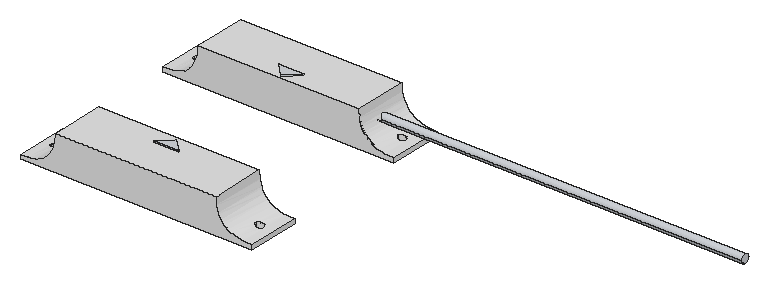
Revit family "izveshatel_io_102-26_ex_isp_10", category Датчики, Revit 2016
Family settings
  Сохранять ориентацию аннотаций = Нет
  Тип детали = Нормальный
  Размер круглого соединителя = Использовать диаметр
  На основе рабочей плоскости = Нет
  Всегда вертикально = Да
  При загрузке вырезать с полостями = Нет
  Общий = Нет
  Точка расчета площади = Нет
Parameters (values of type "ИО 102-26-Ех исп.10")
  исп.200/250 = no
  исп.00 = yes
  Ширина магнита = 30 mm
  Смещение датчика от магнита [instance] = 70 mm
  Метизы = no
  Watermarked By = ""
  Type Comments = "﻿﻿                           ﻿       ﻿     ﻿       ​         ​       ​   ​                  ﻿      ​ ​  ​       ​     ​ ﻿​                    ﻿     ﻿       ﻿       ﻿     ​         ﻿               ﻿﻿"
  Изготовитель = "ООО НПП \"Магнито-Контакт\""
  Длина магнита = 130 mm
  Высота магнита = 20 mm
  URL = "www.m-kontakt.ru/produkt/datch_dlya_magn_konstr/ayaks_v_vse.html"
  Keynote = "﻿﻿                           ﻿       ﻿     ﻿       ​         ​       ​   ​                  ﻿      ​ ​  ​       ​     ​ ﻿​                    ﻿     ﻿       ﻿       ﻿     ​         ﻿               ﻿﻿"
  Description = "﻿﻿                           ﻿       ﻿     ﻿       ​         ​       ​   ​                  ﻿      ​ ​  ​       ​     ​ ﻿​                    ﻿     ﻿       ﻿       ﻿     ​         ﻿               ﻿﻿"
  BL_Разработано = "support@bimlib.ru"  # constant formula
  BL_Email = "451694@bk.ru"  # constant formula
  BL_BIM library = "https://bimlib.ru/manufacturer/company/2873"
  Assembly Code = "﻿﻿                           ﻿       ﻿     ﻿       ​         ​       ​   ​                  ﻿      ​ ​  ​       ​     ​ ﻿​                    ﻿     ﻿       ﻿       ﻿     ​         ﻿               ﻿﻿"
  ADSK_Размер_Ширина = 30 mm
  ADSK_Размер_Длина = 130 mm
  ADSK_Размер_Высота = 20 mm
  ADSK_Примечание = ""
  ADSK_Позиция = ""
  ADSK_Обозначение = "исп.10"
  ADSK_Наименование = "Извещатель охранный точечный магнитоконтактный взрывозащищенный ИО102-26 ПАШК.425119.008"  # constant formula
  ADSK_Материал = Пластик белый
  ADSK_Масса = 0.25
  ADSK_Код изделия = ""
  ADSK_Завод-изготовитель = "ООО НПП \"Магнито-Контакт\""
  ADSK_Единица измерения = "шт."
  ADSK_Версия Revit = "2016"  # constant formula
  ADSK_URL страницы изделия = ""
  ADSK_URL документации изделия = ""
Reference planes
  plane 1 "По центру (Вперед/Назад)": y = 0
  plane 2: z = 0
  plane 3 "По центру (Влево/Вправо)": x = 0
  plane 4: x = -65
  plane 5: x = 65
  plane 6: z = 20
  plane 7: y = -35
  plane 8: y = -65
  plane 9: y = 35
  plane 10: y = 65
  plane 11: z = 20
  plane 12: x = -65
  plane 13: x = 65
Forms (mm)
  Extrusion 1, solid, material "Пластик белый" <- "ADSK_Материал", visible <- "исп.00", detail levels medium+fine
    sketch origin (0, 0, 0) x (1, 0, 0) y (0, 1, 0)
      loop
        line (-65, 65) -> (-65, 35) -> (65, 35) -> (65, 65) -> (-65, 65)
    from 0 to 20
  Extrusion 2, solid, material "Пластик белый" <- "ADSK_Материал", visible <- "исп.00", detail levels medium+fine
    sketch origin (0, 0, 0) x (1, 0, 0) y (0, 1, 0)
      loop
        line (-65, -35) -> (-65, -65) -> (65, -65) -> (65, -35) -> (-65, -35)
    from 0 to 20
  Extrusion 3, void
    sketch origin (0, 0, 0) x (1, 0, 0) y (0, 0, 1)
      loop
        spline (-65, 2.4) -> (-61.823, 2.523) -> (-58.923, 2.889) -> (-56.299, 3.5) -> (-53.951, 4.356) -> (-51.879, 5.456) -> (-50.084, 6.8) -> (-48.565, 8.389) -> (-47.322, 10.222) -> (-46.355, 12.3) -> (-45.664, 14.622) -> (-45.25, 17.189) -> (-45.112, 20)
        line (-45.112, 20) -> (-65, 20) -> (-65, 2.4)
    from -65 to 65
  Extrusion 4, void
    sketch origin (0, 0, 0) x (-1, 0, 0) y (0, 0, -1)
      loop
        line (-65, -2.4) -> (-65, -20) -> (-45.112, -20)
        spline (-45.112, -20) -> (-45.25, -17.189) -> (-45.664, -14.622) -> (-46.355, -12.3) -> (-47.322, -10.222) -> (-48.565, -8.389) -> (-50.084, -6.8) -> (-51.879, -5.456) -> (-53.951, -4.356) -> (-56.299, -3.5) -> (-58.923, -2.889) -> (-61.823, -2.523) -> (-65, -2.4)
    from -65 to 65
  Extrusion 5, void
    sketch origin (0, 0, 0) x (1, 0, 0) y (0, 1, 0)
      loop
        circle (-57.5, -50) r 2.25
    from 0 to 20
  Extrusion 6, void
    sketch origin (0, 0, 0) x (-1, 0, 0) y (0, -1, 0)
      loop
        circle (-57.5, 50) r 2.25
    from 0 to 20
  Extrusion 7, void
    sketch origin (0, 0, 0) x (1, 0, 0) y (0, 1, 0)
      loop
        circle (-57.5, 50) r 2.25
    from 0 to 20
  Extrusion 8, void
    sketch origin (0, 0, 0) x (-1, 0, 0) y (0, -1, 0)
      loop
        circle (-57.5, -50) r 2.25
    from 0 to 20
  Extrusion 9, solid, detail levels fine
    sketch origin (0, 0, 0) x (0, 1, 0) y (0, 0, 1)
      loop
        circle (50, 10.11) r 2.25
    from 45.112 to 250
  Extrusion 10, solid, detail levels medium+fine
    sketch origin (0, -23.906, 0.428) x (1, 0, 0) y (0, 1, 0)
      loop
        line (0, 60.851) -> (7.071, 67.922) -> (-2.071, 67.922) -> (-7.071, 67.922) -> (0, 60.851)
    from 19.122 to 20.022
  Extrusion 11, solid, not visible, detail levels medium+fine
    sketch origin (0, -20.156, 8.292) x (1, 0, 0) y (0, 1, 0)
      loop
        line (0, 60.851) -> (7.071, 67.922) -> (-2.071, 67.922) -> (-7.071, 67.922) -> (0, 60.851)
    from 19.122 to 20.022
  Extrusion 12, solid, material "Пластик белый" <- "ADSK_Материал", visible <- "Метизы", not visible, detail levels medium+fine
    sketch origin (0, 0, 0) x (1, 0, 0) y (0, 0, 1)
      loop
        line (-34.626, 21.529) -> (-37.49, 26.489) -> (-43.217, 26.489) -> (-46.08, 21.529) -> (-43.217, 16.57) -> (-37.49, 16.57) -> (-34.626, 21.529)
      loop
        line (34.626, 21.529) -> (37.49, 16.57) -> (43.217, 16.57) -> (46.08, 21.529) -> (43.217, 26.489) -> (37.49, 26.489) -> (34.626, 21.529)
    from -111.796 to -110
  Extrusion 13, solid, material "Пластик белый" <- "ADSK_Материал", visible <- "Метизы", not visible, detail levels medium+fine
    sketch origin (0, 0, 0) x (1, 0, 0) y (0, 0, 1)
      loop
        circle (-40.251, 21.529) r 2
      loop
        circle (40.251, 21.529) r 2
    from -125.502 to -110
  Extrusion 14, solid, detail levels medium+fine
    sketch origin (0, -23.906, 0.428) x (1, 0, 0) y (0, 1, 0)
      loop
        line (0, -13.038) -> (-7.071, -20.109) -> (-2.071, -20.109) -> (7.071, -20.109) -> (0, -13.038)
    from 19.122 to 20.022
Cuts and joins
  Extrusion 3, Extrusion 4, Extrusion 5, Extrusion 6, Extrusion 7, Extrusion 8 cuts Extrusion 2
  Extrusion 3, Extrusion 4, Extrusion 7, Extrusion 8 cuts Extrusion 1
Lines and regions (mm)
  reference lines
    curve 1: line (0, 54.016, 20) -> (0, 35.551, 20)
    curve 3: line (0, 80.502, 19.688) -> (0, 60.502, 19.688)
    curve 5: line (0, -54.016, 20) -> (0, -35.551, 20)
  reference lines, not visible
    curve 2: line (0, 57.766, 27.864) -> (0, 39.301, 27.864)
    curve 4: line (0, 125.502, 21.529) -> (0, 105.502, 21.529)
Dimensions and locks
  equal spacing: plane 4, plane 3 "По центру (Влево/Вправо)", plane 5
  "Длина магнита": plane 4 to plane 5
  "ADSK_Размер_Высота": level to plane 6
  equal spacing: plane 9, plane 1 "По центру (Вперед/Назад)", plane 7
  "Смещение датчика от магнита": plane 7 to plane 9
  "Ширина магнита": plane 9 to plane 10
  "ADSK_Размер_Ширина": plane 7 to plane 8
  "Высота магнита": plane 11 to level
  equal spacing: plane 12, plane 3 "По центру (Влево/Вправо)", plane 13
  "ADSK_Размер_Длина": plane 12 to plane 13
  equal spacing: plane 7, Extrusion 5 sketch curve, plane 8
  locked: plane 12 to Extrusion 5 sketch curve at 7.5
  equal spacing: plane 7, Extrusion 6 sketch curve, plane 8
  locked: Extrusion 6 sketch curve to plane 13 at 7.5
  equal spacing: plane 10, Extrusion 9 sketch curve, plane 9
  locked: Extrusion 9 sketch curve to level at 10.11
  Extrusion 10 to plane 11 = 0.45 mm
  locked: plane 9 to Extrusion 10 at 1.945
  locked: curve 3 to level at 19.688
  aligned and locked: level to plane 2
  aligned and locked: plane 10 to Extrusion 1 sketch curve
  aligned and locked: plane 4 to Extrusion 1 sketch curve
  aligned and locked: Extrusion 1 sketch curve to plane 9
  aligned and locked: plane 5 to Extrusion 1 sketch curve
  aligned and locked: plane 11 to Extrusion 1
  aligned and locked: Extrusion 2 sketch curve to plane 7
  aligned and locked: plane 8 to Extrusion 2 sketch curve
  aligned and locked: Extrusion 2 to plane 12
  aligned and locked: Extrusion 2 to plane 13
  aligned and locked: plane 6 to Extrusion 2
  aligned and locked: Extrusion 3 sketch curve to plane 4
  aligned and locked: plane 6 to Extrusion 3 sketch curve
  aligned and locked: Extrusion 2 to Extrusion 4
  aligned and locked: Extrusion 4 to Extrusion 1
  aligned and locked: Extrusion 1 to Extrusion 3
  aligned and locked: Extrusion 2 to Extrusion 3
  aligned and locked: plane 6 to Extrusion 5
  aligned and locked: plane 6 to Extrusion 6
  aligned and locked: curve 1 to plane 11
Automatic sketch dimensions
  curve 1 to curve 1 = 18.465 mm
  curve 2 to curve 2 = 18.465 mm
  Extrusion 10 sketch curve to Extrusion 10 sketch curve = 7.071 mm  (x2)
  Extrusion 10 sketch curve to Extrusion 10 sketch curve = 5 mm
  Extrusion 11 sketch curve to Extrusion 11 sketch curve = 7.071 mm  (x2)
  Extrusion 11 sketch curve to Extrusion 11 sketch curve = 5 mm
  Extrusion 12 sketch curve to Extrusion 12 sketch curve = 2.864 mm  (x6)
  Extrusion 12 sketch curve to Extrusion 12 sketch curve = 5.727 mm  (x4)
  Extrusion 12 sketch curve to Extrusion 12 sketch curve = 4.96 mm  (x7)
  Extrusion 12 sketch curve to Extrusion 12 sketch curve = 69.252 mm
  Extrusion 13 sketch curve to Extrusion 13 sketch curve = 80.502 mm
  Extrusion 13 sketch curve to Extrusion 13 sketch curve = 0 mm
  curve 3 to curve 3 = 20 mm
  curve 4 to curve 4 = 20 mm
  plane 10 to curve 3 = 4.498 mm
  curve 3 to plane 10 = 15.502 mm
  curve 5 to curve 5 = 18.465 mm
  Extrusion 14 sketch curve to Extrusion 14 sketch curve = 7.071 mm  (x2)
  Extrusion 14 sketch curve to Extrusion 14 sketch curve = 5 mm
  Extrusion 2 sketch curve to plane 4 = 0 mm
  Extrusion 2 sketch curve to plane 5 = 0 mm
  plane 4 to Extrusion 3 sketch curve = 19.888 mm
  level to Extrusion 3 sketch curve = 2.4 mm
  plane 5 to Extrusion 4 sketch curve = 0 mm
  Extrusion 4 sketch curve to plane 6 = 0 mm
  Extrusion 4 sketch curve to plane 5 = 19.888 mm
  Extrusion 4 sketch curve to level = 2.4 mm
  Extrusion 7 sketch curve to plane 4 = 7.5 mm
  plane 9 to Extrusion 7 sketch curve = 15 mm
  plane 5 to Extrusion 8 sketch curve = 7.5 mm
  Extrusion 8 sketch curve to plane 9 = 15 mm
  radius of Extrusion 5 sketch curve = 2.25 mm
  radius of Extrusion 6 sketch curve = 2.25 mm
  radius of Extrusion 9 sketch curve = 2.25 mm
  radius of Extrusion 13 sketch curve = 2 mm  (x2)
  radius of Extrusion 7 sketch curve = 2.25 mm
  radius of Extrusion 8 sketch curve = 2.25 mm
Nested families
  nested 1: "уго_извещатель" at (0, 0, 0), type "уго_извещатель", detail levels coarse
Connectors
  electrical at (0, 0, 0)
    settings: index 1, voltage 0 V, apparent load 0 VA, apparent load phase1 0 VA, apparent load phase2 0 VA, apparent load phase3 0 VA, power factor 1, load classification "Прочее", number of poles 1, system type 10, power factor state 1, is connector primary yes, connector utility no, sub classification motor no, connector description ""
Definition of nested family "уго_извещатель"
  Parameters (values of type "уго_извещатель")
    Watermarked By = ""
  Reference planes
    plane 1: y = 0
    plane 2: x = 0
  Lines and regions (mm)
    Filled region 1, type "Цветовая область 1"
      outline origin (0, 0, 0) x (1, 0, 0) y (0, 1, 0)
        loop
          line (-2.5, 2.5) -> (-2.5, 0.9) -> (2.5, 0.9) -> (2.5, 2.5) -> (-2.5, 2.5)
    Filled region 2, type "Цветовая область 1"
      outline origin (0, 0, 0) x (1, 0, 0) y (0, 1, 0)
        loop
          line (-2.5, -0.9) -> (-2.5, -2.5) -> (2.5, -2.5) -> (2.5, -0.9) -> (-2.5, -0.9)
    detail lines
      curve 1: line (-2.5, 2.5, 0) -> (2.5, 2.5, 0)
      curve 2: line (-2.5, -2.5, 0) -> (-2.5, 2.5, 0)
      curve 3: line (2.5, -2.5, 0) -> (-2.5, -2.5, 0)
      curve 4: line (2.5, 2.5, 0) -> (2.5, -2.5, 0)
      curve 5: line (-2.5, 0.9, 0) -> (2.5, 0.9, 0)
      curve 6: line (-2.5, -0.9, 0) -> (2.5, -0.9, 0)
